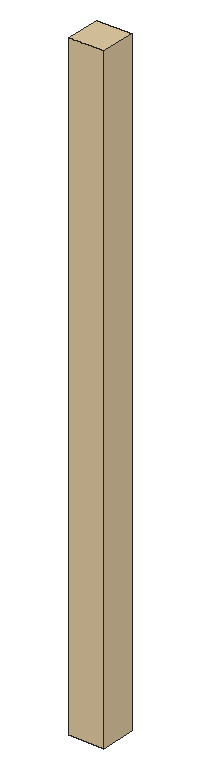
Revit family "판재-기둥", category 구조 기둥, Revit 2026
Family settings
  단면 모양 = 정의되지 않음
  모델 동작 재료 = 목재
  항상 형상으로 내보내기 = 아니오
  평면의 보 전환 = 경계 상자에서
  로드될 때 보이드를 사용하여 절단 = 아니오
  기호 표현 = 프로젝트 설정에서
  공유 = 아니오
  평면도에서 미리 절단된 패밀리 표시 = 예
Parameters (values of type "140 x 140")
  Assembly Code = ""
  Structural Material [instance] = 목재 - 치수 재목
  A = 0.02 m²
  Ix = 3174
  Iy = 3174
  Sx = 454.4
  Sy = 454.4
  b = 139.7 mm
  d = 139.7 mm
Reference planes
  plane 1 "중심(앞/뒤)": y = 0
  plane 2: z = 0
  plane 3 "중심(왼쪽/오른쪽)": x = 0
  plane 4: x = -69.85
  plane 5: x = 69.85
  plane 6: y = 69.85
  plane 7: y = -69.85
Forms (mm)
  Extrusion 1, solid, material "목재 - 치수 재목" <- "Structural Material", detail levels medium+fine
    sketch origin (0, 0, 0) x (1, 0, 0) y (0, 1, 0)
      loop
        line (-69.85, 69.85) -> (-69.85, -69.85) -> (69.85, -69.85) -> (69.85, 69.85) -> (-69.85, 69.85)
    from 0 to 2500
Lines and regions (mm)
  symbolic lines, style "StructuralColumnStickSymbols", detail levels coarse
    curve 1: line (-69.85, 69.85, 0) -> (69.85, 69.85, 0)
    curve 2: line (-69.85, -69.85, 0) -> (69.85, -69.85, 0)
    curve 3: line (-69.85, 69.85, 0) -> (-69.85, -69.85, 0)
    curve 4: line (69.85, 69.85, 0) -> (69.85, -69.85, 0)
Dimensions and locks
  equal spacing: plane 4, plane 3 "중심(왼쪽/오른쪽)", plane 5
  equal spacing: plane 7, plane 1 "중심(앞/뒤)", plane 6
  "d": plane 7 to plane 6
  "b": plane 4 to plane 5
  aligned and locked: plane 6 to Extrusion 1 sketch curve
  aligned and locked: Extrusion 1 sketch curve to plane 7
  aligned and locked: Extrusion 1 sketch curve to plane 4
  aligned and locked: plane 5 to Extrusion 1 sketch curve
  aligned and locked: level to Extrusion 1
  aligned and locked: level to plane 2
  aligned and locked: Extrusion 1 to plane 2
Automatic sketch dimensions
  curve 3 to plane 4 = 0 mm
  curve 4 to plane 5 = 0 mm
  curve 3 to plane 7 = 0 mm
  curve 3 to plane 6 = 0 mm
